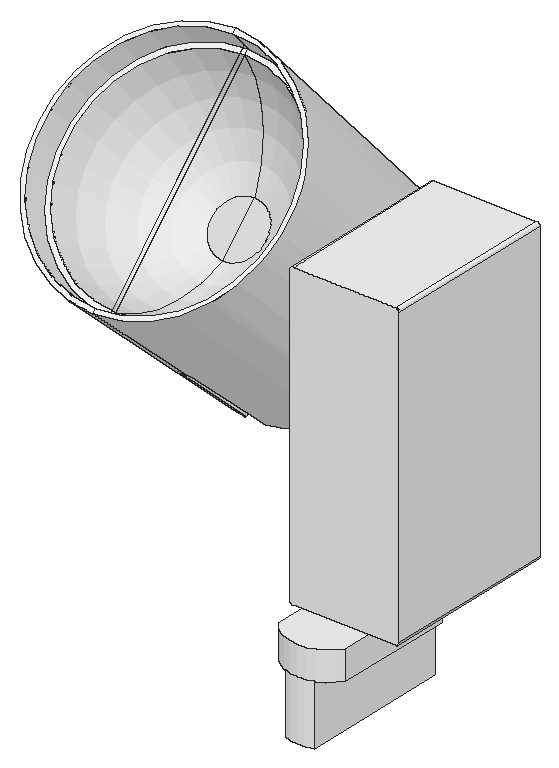
Revit family "0004821 Feilo Sylvania Lighting Fixture START TRACK SPOT L 55W 3K RA80 MB WHITE", category Lighting Fixtures, host Face, Revit 2017
Family settings
  Host = Face
  Round Connector Dimension = Use Diameter
  Part Type = Normal
  OmniClass Number = 23.80.70.00
  OmniClass Title = Lighting
  Cut with Voids When Loaded = No
  Light Source = No
  Shared = No
  Room Calculation Point = No
Parameters (values of type "0004821 START TRACK SPOT L 55W 3K RA80 MB WHITE")
  Weight = "1.398 kg"
  Wattage Comments = ""
  WarrantyStartDate [instance] = "n/a"
  WarrantyGuarantorParts = "n/a"
  WarrantyDurationUnit = "n/a"
  WarrantyDurationParts = "n/a"
  WarrantyDescription = "n/a"
  Voltage = 230 V
  URL = "http://www.sylvania-lighting.com"
  TypeName = "START TRACK SPOT L 55W 3K RA80 MB WHITE"
  TypeHead_FEILO = Start Track Spot Head : 0004821 START TRACK SPOT L 55W 3K RA80 MB WHITE
  TypeBox_FEILO = Start Track Spot Box : Type Large White
  Type Image = <None>
  Type Comments = "n/a"
  VerticalRotation_FEILO [instance] = 0.00°
  SlideEndAngle_FEILO [instance] = VerticalRotation_FEILO + 180.00°  # 180.00°
  SerialNumber [instance] = "n/a"
  Material_3_FEILO = none
  PowerFactor = 0.96
  PowerConsumption = "55 W"
  NominalLength = 0 mm
  NominalHeight = 240 mm
  NominalDepth = 164 mm
  Name = "START TRACK SPOT L 55W 3K RA80 MB WHITE"
  ModelReference = Name  # "START TRACK SPOT L 55W 3K RA80 MB WHITE"
  ModelNumber = "0004821"
  Model = Name  # "START TRACK SPOT L 55W 3K RA80 MB WHITE"
  Material = "adc12 aluminium housing, polycarbonate diffuser"
  ManufacturerName = "Feilo Sylvania"
  Manufacturer = "Feilo Sylvania"
  LuminousEfficacy = "98 lm/W"
  LuminaireType = ""
  LightOutputRatio = "100"
  LampsType = Lamp  # "LED"
  LampNominalLuminous = "5381 lm"
  LampMacAdamStep = "3"
  LampColourTemperature = "3000 K"
  LampColourRenderingIndex = "80"
  Lamp = "LED"
  Keynote = "16500"
  InstallationDate [instance] = "n/a"
  InputVoltage = "230-240V~"
  InputNominalFrequency = "50/60 Hz"
  IngressProtection = "IP20"
  ImpactProtectionIndex = "IK02"
  IfcExportType = "IfcLightFixtureType"
  IfcExportAs = "IfcLightFixtureType"
  HorizontalRotation_FEILO [instance] = 45.00°
  ExpectedLife = 50000
  ElectricShockClassification = "Class II"
  DurationUnit = "hours"
  DocumentationLiterature = "http://www.sylvania-lighting.com/product/en-int/products/0004821"
  DimmingControlOptions = "Non dimmable"
  Material_2_FEILO = none
  Description = "Integrated LED spotlight, Textured White - RAL9016, compact and minimalist design, ideal for retail applications, die-cast aluminium body, passive cooling heatsink. Beam angle: 38°, color temperature: 3000K , total system power: 55W, total fixture output: 5381 lm, LOR: 100%, colour rendering: Ra: 80 typical, LED Chromaticity: 3 step MacAdam ellipse, lifetime: >50000 hours at L70B50, energy class: A++, A+, A, IR/UV free light source without heat radiation, operating voltage: 220-240V / 50-60Hz, drive current: 1400mA, electronic driver, non-dimmable, power factor: 0.96, electrical protection: Class II, Global Track 3 Phase adapter suitable for Global trac 3-circuit tracks, ingress protection rating: IP20, suitable for internal environment only, horizontal rotation: 355°, vertical tilt: 90°, dimensions: Ø113x164x240, weight: 1.398kg."
  Default Elevation = 1219.2 mm
  CreatedOn = "12/12/2017"
  CreatedBy = ""
  Cost = 0
  built-in parameter 1114216 [instance] = (empty or 0)
  ClassificationValue = "EF_70_80"
  ClassificationName = "Uniclass2015"
  Material_1_FEILO = Body-Sylvania-StartTrackSpot-White
  BarCode [instance] = "n/a"
  AssetType = "Fixed"
  AssetIdentifier [instance] = "n/a"
  Assembly Code = "D5020200"
  Apparent Load = 55 VA
  Material_4_FEILO = none
Reference planes
  plane 1 "Center (Front/Back)": y = 0
  plane 2: z = 0
  plane 3 "Center (Left/Right)": x = 0
  plane 4: x = 15
  plane 5: x = -15
  plane 6: y = 35
  plane 7: y = -35
  plane 8: z = 13
  plane 9: z = -27
  plane 10: x = 6.5
  plane 11: x = -6.5
  plane 12: y = 27
  plane 13: y = -27
  plane 14: y = 20
Forms (mm)
  Extrusion 1, solid, material "Body-Sylvania-StartTrackSpot-White" <- "Material_1_FEILO"
    sketch origin (0, 0, 0) x (1, 0, 0) y (0, 1, 0)
      loop
        line (-15, 27) -> (-15, -27)
        arc (-15, -27) -> (0, -35) -> (15, -27) r 18.062
        line (15, -27) -> (15, 27)
        arc (15, 27) -> (0, 35) -> (-15, 27) r 18.062
    from 0 to 13
  Extrusion 2, solid, material "Body-Sylvania-StartTrackSpot-White" <- "Material_1_FEILO"
    sketch origin (0, 0, 0) x (1, 0, 0) y (0, 1, 0)
      loop
        arc (6.5, 33.79) -> (0, 35) -> (-6.5, 33.79) r 18.062
        line (-6.5, 33.79) -> (-6.5, -33.79)
        arc (-6.5, -33.79) -> (0, -35) -> (6.5, -33.79) r 18.062
        line (6.5, -33.79) -> (6.5, 33.79)
    from 0 to -27
  Revolve 3, solid, not visible
    sketch origin (1524, 20, 1219.2) x (1, 0, 0) y (0, 0, 1)
      loop
        line (-1524, -1206.2) -> (-1524, -1191.285) -> (-1530.5, -1191.285) -> (-1530.5, -1206.2) -> (-1524, -1206.2)
      axis (-1524, -1191.285) -> (-1524, -1206.2)
    angle from 0 <- "VerticalRotation_FEILO" to 180 <- "SlideEndAngle_FEILO"
Cuts and joins
  joined: Extrusion 1, Extrusion 2
Dimensions and locks
  equal spacing: plane 10, plane 3 "Center (Left/Right)", plane 11
  equal spacing: plane 4, plane 3 "Center (Left/Right)", plane 5
  locked: plane 8 to plane 2 at 13
  locked: plane 8 to plane 9 at 40
  equal spacing: plane 13, plane 1 "Center (Front/Back)", plane 12
  locked: plane 12 to plane 6 at 8
  locked: plane 14 to plane 6 at 15
  locked: Revolve 3 sketch curve to plane 8 at 14.915
  aligned and locked: plane 2 to host face
  aligned and locked: level to host face
  aligned and locked: plane 5 to Extrusion 1 sketch curve  (x2)
  aligned and locked: plane 12 to Extrusion 1 sketch curve
  aligned and locked: plane 13 to Extrusion 1 sketch curve
  aligned and locked: plane 4 to Extrusion 1 sketch curve
  aligned and locked: Extrusion 1 to plane 8
  aligned and locked: Extrusion 1 to level
  aligned and locked: Extrusion 2 sketch curve to Extrusion 1  (x2)
  aligned and locked: Extrusion 2 sketch curve to plane 11
  aligned and locked: plane 10 to Extrusion 2 sketch curve
  aligned and locked: plane 9 to Extrusion 2
  aligned and locked: level to Extrusion 2
  aligned and locked: Revolve 3 sketch curve to plane 3 "Center (Left/Right)"  (x2)
  aligned and locked: plane 11 to Revolve 3 sketch curve
  aligned and locked: Revolve 3 sketch curve to plane 8
Automatic sketch dimensions
  host sketch curve to host sketch curve = 2438.4 mm  (x2)
  Extrusion 1 sketch curve to plane 3 "Center (Left/Right)" = 0 mm  (x2)
  Extrusion 1 sketch curve to plane 13 = 10.062 mm
  plane 12 to Extrusion 1 sketch curve = 10.062 mm
  Revolve 3 sketch curve to plane 3 "Center (Left/Right)" = 0 mm
  plane 9 to Revolve 3 sketch curve = 582.6 mm
  Revolve 3 sketch curve to Revolve 3 sketch curve = 2581.144 mm
Nested families
  nested 1: "Start Track Spot Head" at (-75.5, 20, 133) x (0, 0.7071, 0.7071) z (0, 0.7071, -0.7071), type <- "TypeHead_FEILO", type "0004821 START TRACK SPOT L 55W 3K RA80 MB WHITE"
    with built-in parameter 1114216 (empty or 0)
  nested 2: "Start Track Spot Box" at (8.5, 20, 85) x (-1, 0, 0) z (0, -1, 0), BoxStartAngle_FEILO <- "HorizontalRotation_FEILO", type <- "TypeBox_FEILO", type "Type Large White"
    with BoxStartAngle_FEILO 45.00°, BoxEndAngle_FEILO -135.00°
Connectors
  electrical at (0, 0, 0), driven by "Apparent Load", driven by "PowerFactor", driven by "Voltage"
    settings: index 1, voltage 230 V, apparent load 55 VA, apparent load phase1 0 VA, apparent load phase2 0 VA, apparent load phase3 0 VA, power factor 0.96, load classification "Lighting", number of poles 1, system type 30, power factor state 1, is connector primary yes, connector utility no, sub classification motor no, connector description ""
Definition of nested family "Start Track Spot Head"
  Parameters (values of type "0004811 START TRACK SPOT S 14W 3K RA80 NB WHITE")
    Wattage Comments = "n/a"
    Wattage = 14 W
    built-in parameter 1150110 = 1 (stored number, unit not read)
    URL = "http://www.feilosylvania.com"
    Type Image = (empty or 0)
    Type Comments = "n/a"
    built-in parameter 1114217 = 1 (stored number, unit not read)
    Tilt Angle = -90.00°
    built-in parameter 1150109 = 1 (stored number, unit not read)
    built-in parameter 1150134 = (empty or 0)
    built-in parameter 1150113 = 1 (stored number, unit not read)
    Photometric Web File = "0004811.ies"
    Material_3_FEILO = none
    Model = "START TRACK SPOT S 14W 3K RA80 NB WHITE"
    Manufacturer = "Feilo Sylvania"
    built-in parameter 1150105 = 123.66 (stored number, unit not read)
    Lumens = 1554 lm
    built-in parameter 1150115 = 1 (stored number, unit not read)
    built-in parameter 1150137 = (empty or 0)
    built-in parameter 1150139 = (empty or 0)
    built-in parameter 1150112 = 1 (stored number, unit not read)
    built-in parameter 1150114 = 1 (stored number, unit not read)
    Lamp = "LED"
    Keynote = "16500"
    Material_2_FEILO = none
    built-in parameter 1150132 = (empty or 0)
    built-in parameter 1150102 = (empty or 0)
    built-in parameter 1150107 = 3000 (stored number, unit not read)
    built-in parameter 1150138 = (empty or 0)
    built-in parameter 1150106 = 1.2366 (stored number, unit not read)
    HeadThickness_FEILO = if(HeadDiaOut_FEILO > 112 mm, 2 mm, 1.5 mm)  # 1.5 mm
    HeadRibOffset_FEILO = HeadHeight_FEILO / 28  # 4.179 mm
    HeadRibDepth_FEILO = HeadHeight_FEILO / 2.1  # 55.714 mm
    HeadRibCutWidth_FEILO = HeadDiaOut_FEILO / 12  # 7.167 mm
    HeadRibCutOffset_FEILO = HeadHeight_FEILO / 2.3  # 50.87 mm
    HeadReflectorRadius_FEILO = HeadDiaOut_FEILO / 1.7  # 50.588 mm
    HeadReflectorOffset_FEILO = HeadHeight_FEILO / 2.1  # 55.714 mm
    HeadLEDRadius_FEILO = HeadDiaOut_FEILO / 9  # 9.556 mm
    HeadHeight_FEILO = 117 mm
    HeadDraft_FEILO = 1 mm
    HeadDiffusorThickness_FEILO = 3 mm
    HeadDiffusorOffset_FEILO = HeadHeight_FEILO / 12.4  # 9.435 mm
    HeadDiaOut_FEILO = 86 mm
    HeadDiaIn_FEILO = HeadDiaOut_FEILO / 1.11  # 77.477 mm
    HeadAxisFromTop_FEILO = HeadHeight_FEILO / 1.687  # 69.354 mm
    Emit from Circle Diameter = HeadDiaIn_FEILO  # 77.477 mm
    Emit Shape Visible in Rendering = no
    built-in parameter 1150104 = 10.312 (stored number, unit not read)
    Dimming Lamp Color Temperature Shift = (empty or 0)
    Description = "Integrated LED spotlight, Textured White - RAL9016, compact and minimalist design, ideal for retail applications, die-cast aluminium body, passive cooling heatsink. Beam angle: 12°, color temperature: 3000K , total system power: 14W, total fixture output: 1551 lm, LOR: 100%, colour rendering: Ra: 80 typical, LED Chromaticity: 3 step MacAdam ellipse, lifetime: >50000 hours at L70B50, energy class: A++, A+, A, IR/UV free light source without heat radiation, operating voltage: 220-240V / 50-60Hz, drive current: 350mA, electronic driver, non-dimmable, power factor: 0.92, electrical protection: Class II, Global Track 3 Phase adapter suitable for Global trac 3-circuit tracks, ingress protection rating: IP20, suitable for internal environment only, horizontal rotation: 355°, vertical tilt: 90°, dimensions: Ø86x140x200, weight: 0.940kg."
    Default Elevation = 1219.2 mm
    Cost = 0
    Color Filter = 16777215
    built-in parameter 1114216 [instance] = (empty or 0)
    Material_1_FEILO = none
    built-in parameter 1114218 = 1 (stored number, unit not read)
    built-in parameter 1150133 = 10 (stored number, unit not read)
    Assembly Code = "D5020200"
    Apparent Load = 14 VA
    Material_4_FEILO = none
  Types (96, lengths in mm): name | Wattage | built-in parameter 1150134 | Photometric Web File | Model | built-in parameter 1150105 | Lumens | built-in parameter 1150107 | built-in parameter 1150106 | HeadThickness_FEILO | HeadRibOffset_FEILO | HeadRibDepth_FEILO | HeadRibCutWidth_FEILO | HeadRibCutOffset_FEILO | HeadReflectorRadius_FEILO | HeadReflectorOffset_FEILO | HeadLEDRadius_FEILO | HeadHeight_FEILO | HeadDiffusorOffset_FEILO | HeadDiaOut_FEILO | HeadDiaIn_FEILO | HeadAxisFromTop_FEILO | Emit from Circle Diameter | built-in parameter 1150104 | Description | Apparent Load
    0004906 START TRACK SPOT L 55W 4K RA90 WB BLACK | 55 W | 12 | "0004906.ies" | "START TRACK SPOT L 55W 4K RA90 WB BLACK" | 385.15 (stored number, unit not read) | 4840 lm | 4000 (stored number, unit not read) | 3.8515 (stored number, unit not read) | 2 | 4.429 | 59.048 | 9.417 | 53.913 | 66.471 | 59.048 | 12.556 | 124 | 10 | 113 | 101.802 | 73.503 | 101.802 | 8.1755 (stored number, unit not read) | "Integrated LED spotlight, Textured Black - RAL9005, compact and minimalist design, ideal for retail applications, die-cast aluminium body, passive cooling heatsink. Beam angle: 52°, color temperature: 4000K , total system power: 55W, total fixture output: 4824 lm, LOR: 100%, colour rendering: Ra: 90 typical, LED Chromaticity: 3 step MacAdam ellipse, lifetime: >50000 hours at L70B50, energy class: A++, A+, A, IR/UV free light source without heat radiation, operating voltage: 220-240V / 50-60Hz, drive current: 1400mA, electronic driver, non-dimmable, power factor: 0.96, electrical protection: Class II, Global Track 3 Phase adapter suitable for Global trac 3-circuit tracks, ingress protection rating: IP20, suitable for internal environment only, horizontal rotation: 355°, vertical tilt: 90°, dimensions: Ø113x164x240, weight: 1.398kg." | 55 VA
    0004905 START TRACK SPOT L 55W 4K RA90 MB BLACK | 55 W | 12 | "0004905.ies" | "START TRACK SPOT L 55W 4K RA90 MB BLACK" | 389.53 (stored number, unit not read) | 4895 lm | 4000 (stored number, unit not read) | 3.8953 (stored number, unit not read) | 2 | 4.429 | 59.048 | 9.417 | 53.913 | 66.471 | 59.048 | 12.556 | 124 | 10 | 113 | 101.802 | 73.503 | 101.802 | 8.2684 (stored number, unit not read) | "Integrated LED spotlight, Textured Black - RAL9005, compact and minimalist design, ideal for retail applications, die-cast aluminium body, passive cooling heatsink. Beam angle: 38°, color temperature: 4000K , total system power: 55W, total fixture output: 4897 lm, LOR: 100%, colour rendering: Ra: 90 typical, LED Chromaticity: 3 step MacAdam ellipse, lifetime: >50000 hours at L70B50, energy class: A++, A+, A, IR/UV free light source without heat radiation, operating voltage: 220-240V / 50-60Hz, drive current: 1400mA, electronic driver, non-dimmable, power factor: 0.96, electrical protection: Class II, Global Track 3 Phase adapter suitable for Global trac 3-circuit tracks, ingress protection rating: IP20, suitable for internal environment only, horizontal rotation: 355°, vertical tilt: 90°, dimensions: Ø113x164x240, weight: 1.398kg." | 55 VA
    0004904 START TRACK SPOT L 55W 4K RA90 NB BLACK | 55 W | 12 | "0004904.ies" | "START TRACK SPOT L 55W 4K RA90 NB BLACK" | 393.91 (stored number, unit not read) | 4950 lm | 4000 (stored number, unit not read) | 3.9391 (stored number, unit not read) | 2 | 4.429 | 59.048 | 9.417 | 53.913 | 66.471 | 59.048 | 12.556 | 124 | 10 | 113 | 101.802 | 73.503 | 101.802 | 8.3613 (stored number, unit not read) | "Integrated LED spotlight, Textured Black - RAL9005, compact and minimalist design, ideal for retail applications, die-cast aluminium body, passive cooling heatsink. Beam angle: 15°, color temperature: 4000K , total system power: 55W, total fixture output: 4965 lm, LOR: 100%, colour rendering: Ra: 90 typical, LED Chromaticity: 3 step MacAdam ellipse, lifetime: >50000 hours at L70B50, energy class: A++, A+, A, IR/UV free light source without heat radiation, operating voltage: 220-240V / 50-60Hz, drive current: 1400mA, electronic driver, non-dimmable, power factor: 0.96, electrical protection: Class II, Global Track 3 Phase adapter suitable for Global trac 3-circuit tracks, ingress protection rating: IP20, suitable for internal environment only, horizontal rotation: 355°, vertical tilt: 90°, dimensions: Ø113x164x240, weight: 1.398kg." | 55 VA
    0004903 START TRACK SPOT L 35W 4K RA90 WB BLACK | 35 W | 12 | "0004903.ies" | "START TRACK SPOT L 35W 4K RA90 WB BLACK" | 284.09 (stored number, unit not read) | 3570 lm | 4000 (stored number, unit not read) | 2.8409 (stored number, unit not read) | 2 | 4.429 | 59.048 | 9.417 | 53.913 | 66.471 | 59.048 | 12.556 | 124 | 10 | 113 | 101.802 | 73.503 | 101.802 | 9.4761 (stored number, unit not read) | "Integrated LED spotlight, Textured Black - RAL9005, compact and minimalist design, ideal for retail applications, die-cast aluminium body, passive cooling heatsink. Beam angle: 52°, color temperature: 4000K , total system power: 35W, total fixture output: 3562 lm, LOR: 100%, colour rendering: Ra: 90 typical, LED Chromaticity: 3 step MacAdam ellipse, lifetime: >50000 hours at L70B50, energy class: A++, A+, A, IR/UV free light source without heat radiation, operating voltage: 220-240V / 50-60Hz, drive current: 900mA, electronic driver, non-dimmable, power factor: 0.93, electrical protection: Class II, Global Track 3 Phase adapter suitable for Global trac 3-circuit tracks, ingress protection rating: IP20, suitable for internal environment only, horizontal rotation: 355°, vertical tilt: 90°, dimensions: Ø113x164x240, weight: 1.368kg." | 35 VA
    0004902 START TRACK SPOT L 35W 4K RA90 MB BLACK | 35 W | 12 | "0004902.ies" | "START TRACK SPOT L 35W 4K RA90 MB BLACK" | 286.88 (stored number, unit not read) | 3605 lm | 4000 (stored number, unit not read) | 2.8688 (stored number, unit not read) | 2 | 4.429 | 59.048 | 9.417 | 53.913 | 66.471 | 59.048 | 12.556 | 124 | 10 | 113 | 101.802 | 73.503 | 101.802 | 9.569 (stored number, unit not read) | "Integrated LED spotlight, Textured Black - RAL9005, compact and minimalist design, ideal for retail applications, die-cast aluminium body, passive cooling heatsink. Beam angle: 38°, color temperature: 4000K , total system power: 35W, total fixture output: 3616 lm, LOR: 100%, colour rendering: Ra: 90 typical, LED Chromaticity: 3 step MacAdam ellipse, lifetime: >50000 hours at L70B50, energy class: A++, A+, A, IR/UV free light source without heat radiation, operating voltage: 220-240V / 50-60Hz, drive current: 900mA, electronic driver, non-dimmable, power factor: 0.93, electrical protection: Class II, Global Track 3 Phase adapter suitable for Global trac 3-circuit tracks, ingress protection rating: IP20, suitable for internal environment only, horizontal rotation: 355°, vertical tilt: 90°, dimensions: Ø113x164x240, weight: 1.368kg." | 35 VA
    0004901 START TRACK SPOT L 35W 4K RA90 NB BLACK | 35 W | 12 | "0004901.ies" | "START TRACK SPOT L 35W 4K RA90 NB BLACK" | 286.88 (stored number, unit not read) | 3605 lm | 4000 (stored number, unit not read) | 2.8688 (stored number, unit not read) | 2 | 4.429 | 59.048 | 9.417 | 53.913 | 66.471 | 59.048 | 12.556 | 124 | 10 | 113 | 101.802 | 73.503 | 101.802 | 9.569 (stored number, unit not read) | "Integrated LED spotlight, Textured Black - RAL9005, compact and minimalist design, ideal for retail applications, die-cast aluminium body, passive cooling heatsink. Beam angle: 15°, color temperature: 4000K , total system power: 35W, total fixture output: 3593 lm, LOR: 100%, colour rendering: Ra: 90 typical, LED Chromaticity: 3 step MacAdam ellipse, lifetime: >50000 hours at L70B50, energy class: A++, A+, A, IR/UV free light source without heat radiation, operating voltage: 220-240V / 50-60Hz, drive current: 900mA, electronic driver, non-dimmable, power factor: 0.93, electrical protection: Class II, Global Track 3 Phase adapter suitable for Global trac 3-circuit tracks, ingress protection rating: IP20, suitable for internal environment only, horizontal rotation: 355°, vertical tilt: 90°, dimensions: Ø113x164x240, weight: 1.368kg." | 35 VA
    0004900 START TRACK SPOT S 24W 4K RA90 WB BLACK | 24 W | 12 | "0004900.ies" | "START TRACK SPOT S 24W 4K RA90 WB BLACK" | 166.16 (stored number, unit not read) | 2088 lm | 4000 (stored number, unit not read) | 1.6616 (stored number, unit not read) | 1.5 | 4.179 | 55.714 | 7.167 | 50.87 | 50.588 | 55.714 | 9.556 | 117 | 9.435 | 86 | 77.477 | 69.354 | 77.477 | 8.0826 (stored number, unit not read) | "Integrated LED spotlight, Textured Black - RAL9005, compact and minimalist design, ideal for retail applications, die-cast aluminium body, passive cooling heatsink. Beam angle: 64°, color temperature: 4000K , total system power: 24W, total fixture output: 2087 lm, LOR: 100%, colour rendering: Ra: 90 typical, LED Chromaticity: 3 step MacAdam ellipse, lifetime: >50000 hours at L70B50, energy class: A++, A+, A, IR/UV free light source without heat radiation, operating voltage: 220-240V / 50-60Hz, drive current: 600mA, electronic driver, non-dimmable, power factor: 0.95, electrical protection: Class II, Global Track 3 Phase adapter suitable for Global trac 3-circuit tracks, ingress protection rating: IP20, suitable for internal environment only, horizontal rotation: 355°, vertical tilt: 90°, dimensions: Ø86x140x200, weight: 0.966kg." | 24 VA
    0004899 START TRACK SPOT S 24W 4K RA90 MB BLACK | 24 W | 12 | "0004899.ies" | "START TRACK SPOT S 24W 4K RA90 MB BLACK" | 169.98 (stored number, unit not read) | 2136 lm | 4000 (stored number, unit not read) | 1.6998 (stored number, unit not read) | 1.5 | 4.179 | 55.714 | 7.167 | 50.87 | 50.588 | 55.714 | 9.556 | 117 | 9.435 | 86 | 77.477 | 69.354 | 77.477 | 8.2684 (stored number, unit not read) | "Integrated LED spotlight, Textured Black - RAL9005, compact and minimalist design, ideal for retail applications, die-cast aluminium body, passive cooling heatsink. Beam angle: 36°, color temperature: 4000K , total system power: 24W, total fixture output: 2141 lm, LOR: 100%, colour rendering: Ra: 90 typical, LED Chromaticity: 3 step MacAdam ellipse, lifetime: >50000 hours at L70B50, energy class: A++, A+, A, IR/UV free light source without heat radiation, operating voltage: 220-240V / 50-60Hz, drive current: 600mA, electronic driver, non-dimmable, power factor: 0.95, electrical protection: Class II, Global Track 3 Phase adapter suitable for Global trac 3-circuit tracks, ingress protection rating: IP20, suitable for internal environment only, horizontal rotation: 355°, vertical tilt: 90°, dimensions: Ø86x140x200, weight: 0.966kg." | 24 VA
    0004898 START TRACK SPOT S 24W 4K RA90 NB BLACK | 24 W | 12 | "0004898.ies" | "START TRACK SPOT S 24W 4K RA90 NB BLACK" | 171.89 (stored number, unit not read) | 2160 lm | 4000 (stored number, unit not read) | 1.7189 (stored number, unit not read) | 1.5 | 4.179 | 55.714 | 7.167 | 50.87 | 50.588 | 55.714 | 9.556 | 117 | 9.435 | 86 | 77.477 | 69.354 | 77.477 | 8.3613 (stored number, unit not read) | "Integrated LED spotlight, Textured Black - RAL9005, compact and minimalist design, ideal for retail applications, die-cast aluminium body, passive cooling heatsink. Beam angle: 12°, color temperature: 4000K , total system power: 24W, total fixture output: 2155 lm, LOR: 100%, colour rendering: Ra: 90 typical, LED Chromaticity: 3 step MacAdam ellipse, lifetime: >50000 hours at L70B50, energy class: A++, A+, A, IR/UV free light source without heat radiation, operating voltage: 220-240V / 50-60Hz, drive current: 600mA, electronic driver, non-dimmable, power factor: 0.95, electrical protection: Class II, Global Track 3 Phase adapter suitable for Global trac 3-circuit tracks, ingress protection rating: IP20, suitable for internal environment only, horizontal rotation: 355°, vertical tilt: 90°, dimensions: Ø86x140x200, weight: 0.966kg." | 24 VA
    0004897 START TRACK SPOT S 14W 4K RA90 WB BLACK | 14 W | 12 | "0004897.ies" | "START TRACK SPOT S 14W 4K RA90 WB BLACK" | 108.07 (stored number, unit not read) | 1358 lm | 4000 (stored number, unit not read) | 1.0807 (stored number, unit not read) | 1.5 | 4.179 | 55.714 | 7.167 | 50.87 | 50.588 | 55.714 | 9.556 | 117 | 9.435 | 86 | 77.477 | 69.354 | 77.477 | 9.0116 (stored number, unit not read) | "Integrated LED spotlight, Textured Black - RAL9005, compact and minimalist design, ideal for retail applications, die-cast aluminium body, passive cooling heatsink. Beam angle: 64°, color temperature: 4000K , total system power: 14W, total fixture output: 1352 lm, LOR: 100%, colour rendering: Ra: 90 typical, LED Chromaticity: 3 step MacAdam ellipse, lifetime: >50000 hours at L70B50, energy class: A++, A+, A, IR/UV free light source without heat radiation, operating voltage: 220-240V / 50-60Hz, drive current: 350mA, electronic driver, non-dimmable, power factor: 0.92, electrical protection: Class II, Global Track 3 Phase adapter suitable for Global trac 3-circuit tracks, ingress protection rating: IP20, suitable for internal environment only, horizontal rotation: 355°, vertical tilt: 90°, dimensions: Ø86x140x200, weight: 0.940kg." | 14 VA
    0004896 START TRACK SPOT S 14W 4K RA90 MB BLACK | 14 W | 12 | "0004896.ies" | "START TRACK SPOT S 14W 4K RA90 MB BLACK" | 108.07 (stored number, unit not read) | 1358 lm | 4000 (stored number, unit not read) | 1.0807 (stored number, unit not read) | 1.5 | 4.179 | 55.714 | 7.167 | 50.87 | 50.588 | 55.714 | 9.556 | 117 | 9.435 | 86 | 77.477 | 69.354 | 77.477 | 9.0116 (stored number, unit not read) | "Integrated LED spotlight, Textured Black - RAL9005, compact and minimalist design, ideal for retail applications, die-cast aluminium body, passive cooling heatsink. Beam angle: 36°, color temperature: 4000K , total system power: 14W, total fixture output: 1359 lm, LOR: 100%, colour rendering: Ra: 90 typical, LED Chromaticity: 3 step MacAdam ellipse, lifetime: >50000 hours at L70B50, energy class: A++, A+, A, IR/UV free light source without heat radiation, operating voltage: 220-240V / 50-60Hz, drive current: 350mA, electronic driver, non-dimmable, power factor: 0.92, electrical protection: Class II, Global Track 3 Phase adapter suitable for Global trac 3-circuit tracks, ingress protection rating: IP20, suitable for internal environment only, horizontal rotation: 355°, vertical tilt: 90°, dimensions: Ø86x140x200, weight: 0.940kg." | 14 VA
    0004895 START TRACK SPOT S 14W 4K RA90 NB BLACK | 14 W | 12 | "0004895.ies" | "START TRACK SPOT S 14W 4K RA90 NB BLACK" | 106.95 (stored number, unit not read) | 1344 lm | 4000 (stored number, unit not read) | 1.0695 (stored number, unit not read) | 1.5 | 4.179 | 55.714 | 7.167 | 50.87 | 50.588 | 55.714 | 9.556 | 117 | 9.435 | 86 | 77.477 | 69.354 | 77.477 | 8.9187 (stored number, unit not read) | "Integrated LED spotlight, Textured Black - RAL9005, compact and minimalist design, ideal for retail applications, die-cast aluminium body, passive cooling heatsink. Beam angle: 12°, color temperature: 4000K , total system power: 14W, total fixture output: 1349 lm, LOR: 100%, colour rendering: Ra: 90 typical, LED Chromaticity: 3 step MacAdam ellipse, lifetime: >50000 hours at L70B50, energy class: A++, A+, A, IR/UV free light source without heat radiation, operating voltage: 220-240V / 50-60Hz, drive current: 350mA, electronic driver, non-dimmable, power factor: 0.92, electrical protection: Class II, Global Track 3 Phase adapter suitable for Global trac 3-circuit tracks, ingress protection rating: IP20, suitable for internal environment only, horizontal rotation: 355°, vertical tilt: 90°, dimensions: Ø86x140x200, weight: 0.940kg." | 14 VA
    0004894 START TRACK SPOT L 55W 3K RA90 WB BLACK | 55 W | (empty or 0) | "0004894.ies" | "START TRACK SPOT L 55W 3K RA90 WB BLACK" | 350.14 (stored number, unit not read) | 4400 lm | 3000 (stored number, unit not read) | 3.5014 (stored number, unit not read) | 2 | 4.429 | 59.048 | 9.417 | 53.913 | 66.471 | 59.048 | 12.556 | 124 | 10 | 113 | 101.802 | 73.503 | 101.802 | 7.4322 (stored number, unit not read) | "Integrated LED spotlight, Textured Black - RAL9005, compact and minimalist design, ideal for retail applications, die-cast aluminium body, passive cooling heatsink. Beam angle: 52°, color temperature: 3000K , total system power: 55W, total fixture output: 4405 lm, LOR: 100%, colour rendering: Ra: 90 typical, LED Chromaticity: 3 step MacAdam ellipse, lifetime: >50000 hours at L70B50, energy class: A++, A+, A, IR/UV free light source without heat radiation, operating voltage: 220-240V / 50-60Hz, drive current: 1400mA, electronic driver, non-dimmable, power factor: 0.96, electrical protection: Class II, Global Track 3 Phase adapter suitable for Global trac 3-circuit tracks, ingress protection rating: IP20, suitable for internal environment only, horizontal rotation: 355°, vertical tilt: 90°, dimensions: Ø113x164x240, weight: 1.398kg." | 55 VA
    0004893 START TRACK SPOT L 55W 3K RA90 MB BLACK | 55 W | (empty or 0) | "0004893.ies" | "START TRACK SPOT L 55W 3K RA90 MB BLACK" | 354.52 (stored number, unit not read) | 4455 lm | 3000 (stored number, unit not read) | 3.5452 (stored number, unit not read) | 2 | 4.429 | 59.048 | 9.417 | 53.913 | 66.471 | 59.048 | 12.556 | 124 | 10 | 113 | 101.802 | 73.503 | 101.802 | 7.5251 (stored number, unit not read) | "Integrated LED spotlight, Textured Black - RAL9005, compact and minimalist design, ideal for retail applications, die-cast aluminium body, passive cooling heatsink. Beam angle: 38°, color temperature: 3000K , total system power: 55W, total fixture output: 4448 lm, LOR: 100%, colour rendering: Ra: 90 typical, LED Chromaticity: 3 step MacAdam ellipse, lifetime: >50000 hours at L70B50, energy class: A++, A+, A, IR/UV free light source without heat radiation, operating voltage: 220-240V / 50-60Hz, drive current: 1400mA, electronic driver, non-dimmable, power factor: 0.96, electrical protection: Class II, Global Track 3 Phase adapter suitable for Global trac 3-circuit tracks, ingress protection rating: IP20, suitable for internal environment only, horizontal rotation: 355°, vertical tilt: 90°, dimensions: Ø113x164x240, weight: 1.398kg." | 55 VA
    0004892 START TRACK SPOT L 55W 3K RA90 NB BLACK | 55 W | (empty or 0) | "0004892.ies" | "START TRACK SPOT L 55W 3K RA90 NB BLACK" | 350.14 (stored number, unit not read) | 4400 lm | 3000 (stored number, unit not read) | 3.5014 (stored number, unit not read) | 2 | 4.429 | 59.048 | 9.417 | 53.913 | 66.471 | 59.048 | 12.556 | 124 | 10 | 113 | 101.802 | 73.503 | 101.802 | 7.4322 (stored number, unit not read) | "Integrated LED spotlight, Textured Black - RAL9005, compact and minimalist design, ideal for retail applications, die-cast aluminium body, passive cooling heatsink. Beam angle: 15°, color temperature: 3000K , total system power: 55W, total fixture output: 4416 lm, LOR: 100%, colour rendering: Ra: 90 typical, LED Chromaticity: 3 step MacAdam ellipse, lifetime: >50000 hours at L70B50, energy class: A++, A+, A, IR/UV free light source without heat radiation, operating voltage: 220-240V / 50-60Hz, drive current: 1400mA, electronic driver, non-dimmable, power factor: 0.96, electrical protection: Class II, Global Track 3 Phase adapter suitable for Global trac 3-circuit tracks, ingress protection rating: IP20, suitable for internal environment only, horizontal rotation: 355°, vertical tilt: 90°, dimensions: Ø113x164x240, weight: 1.398kg." | 55 VA
    0004891 START TRACK SPOT L 35W 3K RA90 WB BLACK | 35 W | (empty or 0) | "0004891.ies" | "START TRACK SPOT L 35W 3K RA90 WB BLACK" | 259.02 (stored number, unit not read) | 3255 lm | 3000 (stored number, unit not read) | 2.5902 (stored number, unit not read) | 2 | 4.429 | 59.048 | 9.417 | 53.913 | 66.471 | 59.048 | 12.556 | 124 | 10 | 113 | 101.802 | 73.503 | 101.802 | 8.64 (stored number, unit not read) | "Integrated LED spotlight, Textured Black - RAL9005, compact and minimalist design, ideal for retail applications, die-cast aluminium body, passive cooling heatsink. Beam angle: 52°, color temperature: 3000K , total system power: 35W, total fixture output: 3260 lm, LOR: 100%, colour rendering: Ra: 90 typical, LED Chromaticity: 3 step MacAdam ellipse, lifetime: >50000 hours at L70B50, energy class: A++, A+, A, IR/UV free light source without heat radiation, operating voltage: 220-240V / 50-60Hz, drive current: 900mA, electronic driver, non-dimmable, power factor: 0.93, electrical protection: Class II, Global Track 3 Phase adapter suitable for Global trac 3-circuit tracks, ingress protection rating: IP20, suitable for internal environment only, horizontal rotation: 355°, vertical tilt: 90°, dimensions: Ø113x164x240, weight: 1.368kg." | 35 VA
    0004890 START TRACK SPOT L 35W 3K RA90 MB BLACK | 35 W | (empty or 0) | "0004890.ies" | "START TRACK SPOT L 35W 3K RA90 MB BLACK" | 261.81 (stored number, unit not read) | 3290 lm | 3000 (stored number, unit not read) | 2.6181 (stored number, unit not read) | 2 | 4.429 | 59.048 | 9.417 | 53.913 | 66.471 | 59.048 | 12.556 | 124 | 10 | 113 | 101.802 | 73.503 | 101.802 | 8.7329 (stored number, unit not read) | "Integrated LED spotlight, Textured Black - RAL9005, compact and minimalist design, ideal for retail applications, die-cast aluminium body, passive cooling heatsink. Beam angle: 38°, color temperature: 3000K , total system power: 35W, total fixture output: 3306 lm, LOR: 100%, colour rendering: Ra: 90 typical, LED Chromaticity: 3 step MacAdam ellipse, lifetime: >50000 hours at L70B50, energy class: A++, A+, A, IR/UV free light source without heat radiation, operating voltage: 220-240V / 50-60Hz, drive current: 900mA, electronic driver, non-dimmable, power factor: 0.93, electrical protection: Class II, Global Track 3 Phase adapter suitable for Global trac 3-circuit tracks, ingress protection rating: IP20, suitable for internal environment only, horizontal rotation: 355°, vertical tilt: 90°, dimensions: Ø113x164x240, weight: 1.368kg." | 35 VA
    0004889 START TRACK SPOT L 35W 3K RA90 NB BLACK | 35 W | (empty or 0) | "0004889.ies" | "START TRACK SPOT L 35W 3K RA90 NB BLACK" | 261.81 (stored number, unit not read) | 3290 lm | 3000 (stored number, unit not read) | 2.6181 (stored number, unit not read) | 2 | 4.429 | 59.048 | 9.417 | 53.913 | 66.471 | 59.048 | 12.556 | 124 | 10 | 113 | 101.802 | 73.503 | 101.802 | 8.7329 (stored number, unit not read) | "Integrated LED spotlight, Textured Black - RAL9005, compact and minimalist design, ideal for retail applications, die-cast aluminium body, passive cooling heatsink. Beam angle: 15°, color temperature: 3000K , total system power: 35W, total fixture output: 3287 lm, LOR: 100%, colour rendering: Ra: 90 typical, LED Chromaticity: 3 step MacAdam ellipse, lifetime: >50000 hours at L70B50, energy class: A++, A+, A, IR/UV free light source without heat radiation, operating voltage: 220-240V / 50-60Hz, drive current: 900mA, electronic driver, non-dimmable, power factor: 0.93, electrical protection: Class II, Global Track 3 Phase adapter suitable for Global trac 3-circuit tracks, ingress protection rating: IP20, suitable for internal environment only, horizontal rotation: 355°, vertical tilt: 90°, dimensions: Ø113x164x240, weight: 1.368kg." | 35 VA
    0004888 START TRACK SPOT S 24W 3K RA90 WB BLACK | 24 W | (empty or 0) | "0004888.ies" | "START TRACK SPOT S 24W 3K RA90 WB BLACK" | 152.79 (stored number, unit not read) | 1920 lm | 3000 (stored number, unit not read) | 1.5279 (stored number, unit not read) | 1.5 | 4.179 | 55.714 | 7.167 | 50.87 | 50.588 | 55.714 | 9.556 | 117 | 9.435 | 86 | 77.477 | 69.354 | 77.477 | 7.4322 (stored number, unit not read) | "Integrated LED spotlight, Textured Black - RAL9005, compact and minimalist design, ideal for retail applications, die-cast aluminium body, passive cooling heatsink. Beam angle: 64°, color temperature: 3000K , total system power: 24W, total fixture output: 1928 lm, LOR: 100%, colour rendering: Ra: 90 typical, LED Chromaticity: 3 step MacAdam ellipse, lifetime: >50000 hours at L70B50, energy class: A++, A+, A, IR/UV free light source without heat radiation, operating voltage: 220-240V / 50-60Hz, drive current: 600mA, electronic driver, non-dimmable, power factor: 0.95, electrical protection: Class II, Global Track 3 Phase adapter suitable for Global trac 3-circuit tracks, ingress protection rating: IP20, suitable for internal environment only, horizontal rotation: 355°, vertical tilt: 90°, dimensions: Ø86x140x200, weight: 0.966kg." | 24 VA
    0004887 START TRACK SPOT S 24W 3K RA90 MB BLACK | 24 W | (empty or 0) | "0004887.ies" | "START TRACK SPOT S 24W 3K RA90 MB BLACK" | 154.7 (stored number, unit not read) | 1944 lm | 3000 (stored number, unit not read) | 1.547 (stored number, unit not read) | 1.5 | 4.179 | 55.714 | 7.167 | 50.87 | 50.588 | 55.714 | 9.556 | 117 | 9.435 | 86 | 77.477 | 69.354 | 77.477 | 7.5251 (stored number, unit not read) | "Integrated LED spotlight, Textured Black - RAL9005, compact and minimalist design, ideal for retail applications, die-cast aluminium body, passive cooling heatsink. Beam angle: 36°, color temperature: 3000K , total system power: 24W, total fixture output: 1944 lm, LOR: 100%, colour rendering: Ra: 90 typical, LED Chromaticity: 3 step MacAdam ellipse, lifetime: >50000 hours at L70B50, energy class: A++, A+, A, IR/UV free light source without heat radiation, operating voltage: 220-240V / 50-60Hz, drive current: 600mA, electronic driver, non-dimmable, power factor: 0.95, electrical protection: Class II, Global Track 3 Phase adapter suitable for Global trac 3-circuit tracks, ingress protection rating: IP20, suitable for internal environment only, horizontal rotation: 355°, vertical tilt: 90°, dimensions: Ø86x140x200, weight: 0.966kg." | 24 VA
    0004886 START TRACK SPOT S 24W 3K RA90 NB BLACK | 24 W | (empty or 0) | "0004886.ies" | "START TRACK SPOT S 24W 3K RA90 NB BLACK" | 158.52 (stored number, unit not read) | 1992 lm | 3000 (stored number, unit not read) | 1.5852 (stored number, unit not read) | 1.5 | 4.179 | 55.714 | 7.167 | 50.87 | 50.588 | 55.714 | 9.556 | 117 | 9.435 | 86 | 77.477 | 69.354 | 77.477 | 7.711 (stored number, unit not read) | "Integrated LED spotlight, Textured Black - RAL9005, compact and minimalist design, ideal for retail applications, die-cast aluminium body, passive cooling heatsink. Beam angle: 12°, color temperature: 3000K , total system power: 24W, total fixture output: 1987 lm, LOR: 100%, colour rendering: Ra: 90 typical, LED Chromaticity: 3 step MacAdam ellipse, lifetime: >50000 hours at L70B50, energy class: A++, A+, A, IR/UV free light source without heat radiation, operating voltage: 220-240V / 50-60Hz, drive current: 600mA, electronic driver, non-dimmable, power factor: 0.95, electrical protection: Class II, Global Track 3 Phase adapter suitable for Global trac 3-circuit tracks, ingress protection rating: IP20, suitable for internal environment only, horizontal rotation: 355°, vertical tilt: 90°, dimensions: Ø86x140x200, weight: 0.966kg." | 24 VA
    0004885 START TRACK SPOT S 14W 3K RA90 WB BLACK | 14 W | (empty or 0) | "0004885.ies" | "START TRACK SPOT S 14W 3K RA90 WB BLACK" | 100.27 (stored number, unit not read) | 1260 lm | 3000 (stored number, unit not read) | 1.0027 (stored number, unit not read) | 1.5 | 4.179 | 55.714 | 7.167 | 50.87 | 50.588 | 55.714 | 9.556 | 117 | 9.435 | 86 | 77.477 | 69.354 | 77.477 | 8.3613 (stored number, unit not read) | "Integrated LED spotlight, Textured Black - RAL9005, compact and minimalist design, ideal for retail applications, die-cast aluminium body, passive cooling heatsink. Beam angle: 64°, color temperature: 3000K , total system power: 14W, total fixture output: 1262 lm, LOR: 100%, colour rendering: Ra: 90 typical, LED Chromaticity: 3 step MacAdam ellipse, lifetime: >50000 hours at L70B50, energy class: A++, A+, A, IR/UV free light source without heat radiation, operating voltage: 220-240V / 50-60Hz, drive current: 350mA, electronic driver, non-dimmable, power factor: 0.92, electrical protection: Class II, Global Track 3 Phase adapter suitable for Global trac 3-circuit tracks, ingress protection rating: IP20, suitable for internal environment only, horizontal rotation: 355°, vertical tilt: 90°, dimensions: Ø86x140x200, weight: 0.940kg." | 14 VA
    0004884 START TRACK SPOT S 14W 3K RA90 MB BLACK | 14 W | (empty or 0) | "0004884.ies" | "START TRACK SPOT S 14W 3K RA90 MB BLACK" | 100.27 (stored number, unit not read) | 1260 lm | 3000 (stored number, unit not read) | 1.0027 (stored number, unit not read) | 1.5 | 4.179 | 55.714 | 7.167 | 50.87 | 50.588 | 55.714 | 9.556 | 117 | 9.435 | 86 | 77.477 | 69.354 | 77.477 | 8.3613 (stored number, unit not read) | "Integrated LED spotlight, Textured Black - RAL9005, compact and minimalist design, ideal for retail applications, die-cast aluminium body, passive cooling heatsink. Beam angle: 36°, color temperature: 3000K , total system power: 14W, total fixture output: 1262 lm, LOR: 100%, colour rendering: Ra: 90 typical, LED Chromaticity: 3 step MacAdam ellipse, lifetime: >50000 hours at L70B50, energy class: A++, A+, A, IR/UV free light source without heat radiation, operating voltage: 220-240V / 50-60Hz, drive current: 350mA, electronic driver, non-dimmable, power factor: 0.92, electrical protection: Class II, Global Track 3 Phase adapter suitable for Global trac 3-circuit tracks, ingress protection rating: IP20, suitable for internal environment only, horizontal rotation: 355°, vertical tilt: 90°, dimensions: Ø86x140x200, weight: 0.940kg." | 14 VA
    0004883 START TRACK SPOT S 14W 3K RA90 NB BLACK | 14 W | (empty or 0) | "0004883.ies" | "START TRACK SPOT S 14W 3K RA90 NB BLACK" | 102.5 (stored number, unit not read) | 1288 lm | 3000 (stored number, unit not read) | 1.025 (stored number, unit not read) | 1.5 | 4.179 | 55.714 | 7.167 | 50.87 | 50.588 | 55.714 | 9.556 | 117 | 9.435 | 86 | 77.477 | 69.354 | 77.477 | 8.5471 (stored number, unit not read) | "Integrated LED spotlight, Textured Black - RAL9005, compact and minimalist design, ideal for retail applications, die-cast aluminium body, passive cooling heatsink. Beam angle: 12°, color temperature: 3000K , total system power: 14W, total fixture output: 1284 lm, LOR: 100%, colour rendering: Ra: 90 typical, LED Chromaticity: 3 step MacAdam ellipse, lifetime: >50000 hours at L70B50, energy class: A++, A+, A, IR/UV free light source without heat radiation, operating voltage: 220-240V / 50-60Hz, drive current: 350mA, electronic driver, non-dimmable, power factor: 0.92, electrical protection: Class II, Global Track 3 Phase adapter suitable for Global trac 3-circuit tracks, ingress protection rating: IP20, suitable for internal environment only, horizontal rotation: 355°, vertical tilt: 90°, dimensions: Ø86x140x200, weight: 0.940kg." | 14 VA
    0004882 START TRACK SPOT L 55W 4K RA90 WB WHITE | 55 W | 12 | "0004882.ies" | "START TRACK SPOT L 55W 4K RA90 WB WHITE" | 385.15 (stored number, unit not read) | 4840 lm | 4000 (stored number, unit not read) | 3.8515 (stored number, unit not read) | 2 | 4.429 | 59.048 | 9.417 | 53.913 | 66.471 | 59.048 | 12.556 | 124 | 10 | 113 | 101.802 | 73.503 | 101.802 | 8.1755 (stored number, unit not read) | "Integrated LED spotlight, Textured White - RAL9016, compact and minimalist design, ideal for retail applications, die-cast aluminium body, passive cooling heatsink. Beam angle: 52°, color temperature: 4000K , total system power: 55W, total fixture output: 4824 lm, LOR: 100%, colour rendering: Ra: 90 typical, LED Chromaticity: 3 step MacAdam ellipse, lifetime: >50000 hours at L70B50, energy class: A++, A+, A, IR/UV free light source without heat radiation, operating voltage: 220-240V / 50-60Hz, drive current: 1400mA, electronic driver, non-dimmable, power factor: 0.96, electrical protection: Class II, Global Track 3 Phase adapter suitable for Global trac 3-circuit tracks, ingress protection rating: IP20, suitable for internal environment only, horizontal rotation: 355°, vertical tilt: 90°, dimensions: Ø113x164x240, weight: 1.398kg." | 55 VA
    0004881 START TRACK SPOT L 55W 4K RA90 MB WHITE | 55 W | 12 | "0004881.ies" | "START TRACK SPOT L 55W 4K RA90 MB WHITE" | 389.53 (stored number, unit not read) | 4895 lm | 4000 (stored number, unit not read) | 3.8953 (stored number, unit not read) | 2 | 4.429 | 59.048 | 9.417 | 53.913 | 66.471 | 59.048 | 12.556 | 124 | 10 | 113 | 101.802 | 73.503 | 101.802 | 8.2684 (stored number, unit not read) | "Integrated LED spotlight, Textured White - RAL9016, compact and minimalist design, ideal for retail applications, die-cast aluminium body, passive cooling heatsink. Beam angle: 38°, color temperature: 4000K , total system power: 55W, total fixture output: 4897 lm, LOR: 100%, colour rendering: Ra: 90 typical, LED Chromaticity: 3 step MacAdam ellipse, lifetime: >50000 hours at L70B50, energy class: A++, A+, A, IR/UV free light source without heat radiation, operating voltage: 220-240V / 50-60Hz, drive current: 1400mA, electronic driver, non-dimmable, power factor: 0.96, electrical protection: Class II, Global Track 3 Phase adapter suitable for Global trac 3-circuit tracks, ingress protection rating: IP20, suitable for internal environment only, horizontal rotation: 355°, vertical tilt: 90°, dimensions: Ø113x164x240, weight: 1.398kg." | 55 VA
    0004880 START TRACK SPOT L 55W 4K RA90 NB WHITE | 55 W | 12 | "0004880.ies" | "START TRACK SPOT L 55W 4K RA90 NB WHITE" | 393.91 (stored number, unit not read) | 4950 lm | 4000 (stored number, unit not read) | 3.9391 (stored number, unit not read) | 2 | 4.429 | 59.048 | 9.417 | 53.913 | 66.471 | 59.048 | 12.556 | 124 | 10 | 113 | 101.802 | 73.503 | 101.802 | 8.3613 (stored number, unit not read) | "Integrated LED spotlight, Textured White - RAL9016, compact and minimalist design, ideal for retail applications, die-cast aluminium body, passive cooling heatsink. Beam angle: 15°, color temperature: 4000K , total system power: 55W, total fixture output: 4965 lm, LOR: 100%, colour rendering: Ra: 90 typical, LED Chromaticity: 3 step MacAdam ellipse, lifetime: >50000 hours at L70B50, energy class: A++, A+, A, IR/UV free light source without heat radiation, operating voltage: 220-240V / 50-60Hz, drive current: 1400mA, electronic driver, non-dimmable, power factor: 0.96, electrical protection: Class II, Global Track 3 Phase adapter suitable for Global trac 3-circuit tracks, ingress protection rating: IP20, suitable for internal environment only, horizontal rotation: 355°, vertical tilt: 90°, dimensions: Ø113x164x240, weight: 1.398kg." | 55 VA
    0004879 START TRACK SPOT L 35W 4K RA90 WB WHITE | 35 W | 12 | "0004879.ies" | "START TRACK SPOT L 35W 4K RA90 WB WHITE" | 284.09 (stored number, unit not read) | 3570 lm | 4000 (stored number, unit not read) | 2.8409 (stored number, unit not read) | 2 | 4.429 | 59.048 | 9.417 | 53.913 | 66.471 | 59.048 | 12.556 | 124 | 10 | 113 | 101.802 | 73.503 | 101.802 | 9.4761 (stored number, unit not read) | "Integrated LED spotlight, Textured White - RAL9016, compact and minimalist design, ideal for retail applications, die-cast aluminium body, passive cooling heatsink. Beam angle: 52°, color temperature: 4000K , total system power: 35W, total fixture output: 3562 lm, LOR: 100%, colour rendering: Ra: 90 typical, LED Chromaticity: 3 step MacAdam ellipse, lifetime: >50000 hours at L70B50, energy class: A++, A+, A, IR/UV free light source without heat radiation, operating voltage: 220-240V / 50-60Hz, drive current: 900mA, electronic driver, non-dimmable, power factor: 0.93, electrical protection: Class II, Global Track 3 Phase adapter suitable for Global trac 3-circuit tracks, ingress protection rating: IP20, suitable for internal environment only, horizontal rotation: 355°, vertical tilt: 90°, dimensions: Ø113x164x240, weight: 1.368kg." | 35 VA
    0004878 START TRACK SPOT L 35W 4K RA90 MB WHITE | 35 W | 12 | "0004878.ies" | "START TRACK SPOT L 35W 4K RA90 MB WHITE" | 286.88 (stored number, unit not read) | 3605 lm | 4000 (stored number, unit not read) | 2.8688 (stored number, unit not read) | 2 | 4.429 | 59.048 | 9.417 | 53.913 | 66.471 | 59.048 | 12.556 | 124 | 10 | 113 | 101.802 | 73.503 | 101.802 | 9.569 (stored number, unit not read) | "Integrated LED spotlight, Textured White - RAL9016, compact and minimalist design, ideal for retail applications, die-cast aluminium body, passive cooling heatsink. Beam angle: 38°, color temperature: 4000K , total system power: 35W, total fixture output: 3616 lm, LOR: 100%, colour rendering: Ra: 90 typical, LED Chromaticity: 3 step MacAdam ellipse, lifetime: >50000 hours at L70B50, energy class: A++, A+, A, IR/UV free light source without heat radiation, operating voltage: 220-240V / 50-60Hz, drive current: 900mA, electronic driver, non-dimmable, power factor: 0.93, electrical protection: Class II, Global Track 3 Phase adapter suitable for Global trac 3-circuit tracks, ingress protection rating: IP20, suitable for internal environment only, horizontal rotation: 355°, vertical tilt: 90°, dimensions: Ø113x164x240, weight: 1.368kg." | 35 VA
    0004877 START TRACK SPOT L 35W 4K RA90 NB WHITE | 35 W | 12 | "0004877.ies" | "START TRACK SPOT L 35W 4K RA90 NB WHITE" | 286.88 (stored number, unit not read) | 3605 lm | 4000 (stored number, unit not read) | 2.8688 (stored number, unit not read) | 2 | 4.429 | 59.048 | 9.417 | 53.913 | 66.471 | 59.048 | 12.556 | 124 | 10 | 113 | 101.802 | 73.503 | 101.802 | 9.569 (stored number, unit not read) | "Integrated LED spotlight, Textured White - RAL9016, compact and minimalist design, ideal for retail applications, die-cast aluminium body, passive cooling heatsink. Beam angle: 15°, color temperature: 4000K , total system power: 35W, total fixture output: 3593 lm, LOR: 100%, colour rendering: Ra: 90 typical, LED Chromaticity: 3 step MacAdam ellipse, lifetime: >50000 hours at L70B50, energy class: A++, A+, A, IR/UV free light source without heat radiation, operating voltage: 220-240V / 50-60Hz, drive current: 900mA, electronic driver, non-dimmable, power factor: 0.93, electrical protection: Class II, Global Track 3 Phase adapter suitable for Global trac 3-circuit tracks, ingress protection rating: IP20, suitable for internal environment only, horizontal rotation: 355°, vertical tilt: 90°, dimensions: Ø113x164x240, weight: 1.368kg." | 35 VA
    0004876 START TRACK SPOT S 24W 4K RA90 WB WHITE | 24 W | 12 | "0004876.ies" | "START TRACK SPOT S 24W 4K RA90 WB WHITE" | 166.16 (stored number, unit not read) | 2088 lm | 4000 (stored number, unit not read) | 1.6616 (stored number, unit not read) | 1.5 | 4.179 | 55.714 | 7.167 | 50.87 | 50.588 | 55.714 | 9.556 | 117 | 9.435 | 86 | 77.477 | 69.354 | 77.477 | 8.0826 (stored number, unit not read) | "Integrated LED spotlight, Textured White - RAL9016, compact and minimalist design, ideal for retail applications, die-cast aluminium body, passive cooling heatsink. Beam angle: 64°, color temperature: 4000K , total system power: 24W, total fixture output: 2087 lm, LOR: 100%, colour rendering: Ra: 90 typical, LED Chromaticity: 3 step MacAdam ellipse, lifetime: >50000 hours at L70B50, energy class: A++, A+, A, IR/UV free light source without heat radiation, operating voltage: 220-240V / 50-60Hz, drive current: 600mA, electronic driver, non-dimmable, power factor: 0.95, electrical protection: Class II, Global Track 3 Phase adapter suitable for Global trac 3-circuit tracks, ingress protection rating: IP20, suitable for internal environment only, horizontal rotation: 355°, vertical tilt: 90°, dimensions: Ø86x140x200, weight: 0.966kg." | 24 VA
    0004875 START TRACK SPOT S 24W 4K RA90 MB WHITE | 24 W | 12 | "0004875.ies" | "START TRACK SPOT S 24W 4K RA90 MB WHITE" | 169.98 (stored number, unit not read) | 2136 lm | 4000 (stored number, unit not read) | 1.6998 (stored number, unit not read) | 1.5 | 4.179 | 55.714 | 7.167 | 50.87 | 50.588 | 55.714 | 9.556 | 117 | 9.435 | 86 | 77.477 | 69.354 | 77.477 | 8.2684 (stored number, unit not read) | "Integrated LED spotlight, Textured White - RAL9016, compact and minimalist design, ideal for retail applications, die-cast aluminium body, passive cooling heatsink. Beam angle: 36°, color temperature: 4000K , total system power: 24W, total fixture output: 2141 lm, LOR: 100%, colour rendering: Ra: 90 typical, LED Chromaticity: 3 step MacAdam ellipse, lifetime: >50000 hours at L70B50, energy class: A++, A+, A, IR/UV free light source without heat radiation, operating voltage: 220-240V / 50-60Hz, drive current: 600mA, electronic driver, non-dimmable, power factor: 0.95, electrical protection: Class II, Global Track 3 Phase adapter suitable for Global trac 3-circuit tracks, ingress protection rating: IP20, suitable for internal environment only, horizontal rotation: 355°, vertical tilt: 90°, dimensions: Ø86x140x200, weight: 0.966kg." | 24 VA
    0004874 START TRACK SPOT S 24W 4K RA90 NB WHITE | 24 W | 12 | "0004874.ies" | "START TRACK SPOT S 24W 4K RA90 NB WHITE" | 171.89 (stored number, unit not read) | 2160 lm | 4000 (stored number, unit not read) | 1.7189 (stored number, unit not read) | 1.5 | 4.179 | 55.714 | 7.167 | 50.87 | 50.588 | 55.714 | 9.556 | 117 | 9.435 | 86 | 77.477 | 69.354 | 77.477 | 8.3613 (stored number, unit not read) | "Integrated LED spotlight, Textured White - RAL9016, compact and minimalist design, ideal for retail applications, die-cast aluminium body, passive cooling heatsink. Beam angle: 12°, color temperature: 4000K , total system power: 24W, total fixture output: 2155 lm, LOR: 100%, colour rendering: Ra: 90 typical, LED Chromaticity: 3 step MacAdam ellipse, lifetime: >50000 hours at L70B50, energy class: A++, A+, A, IR/UV free light source without heat radiation, operating voltage: 220-240V / 50-60Hz, drive current: 600mA, electronic driver, non-dimmable, power factor: 0.95, electrical protection: Class II, Global Track 3 Phase adapter suitable for Global trac 3-circuit tracks, ingress protection rating: IP20, suitable for internal environment only, horizontal rotation: 355°, vertical tilt: 90°, dimensions: Ø86x140x200, weight: 0.966kg." | 24 VA
    0004873 START TRACK SPOT S 14W 4K RA90 WB WHITE | 14 W | 12 | "0004873.ies" | "START TRACK SPOT S 14W 4K RA90 WB WHITE" | 108.07 (stored number, unit not read) | 1358 lm | 4000 (stored number, unit not read) | 1.0807 (stored number, unit not read) | 1.5 | 4.179 | 55.714 | 7.167 | 50.87 | 50.588 | 55.714 | 9.556 | 117 | 9.435 | 86 | 77.477 | 69.354 | 77.477 | 9.0116 (stored number, unit not read) | "Integrated LED spotlight, Textured White - RAL9016, compact and minimalist design, ideal for retail applications, die-cast aluminium body, passive cooling heatsink. Beam angle: 64°, color temperature: 4000K , total system power: 14W, total fixture output: 1352 lm, LOR: 100%, colour rendering: Ra: 90 typical, LED Chromaticity: 3 step MacAdam ellipse, lifetime: >50000 hours at L70B50, energy class: A++, A+, A, IR/UV free light source without heat radiation, operating voltage: 220-240V / 50-60Hz, drive current: 350mA, electronic driver, non-dimmable, power factor: 0.92, electrical protection: Class II, Global Track 3 Phase adapter suitable for Global trac 3-circuit tracks, ingress protection rating: IP20, suitable for internal environment only, horizontal rotation: 355°, vertical tilt: 90°, dimensions: Ø86x140x200, weight: 0.940kg." | 14 VA
    0004872 START TRACK SPOT S 14W 4K RA90 MB WHITE | 14 W | 12 | "0004872.ies" | "START TRACK SPOT S 14W 4K RA90 MB WHITE" | 108.07 (stored number, unit not read) | 1358 lm | 4000 (stored number, unit not read) | 1.0807 (stored number, unit not read) | 1.5 | 4.179 | 55.714 | 7.167 | 50.87 | 50.588 | 55.714 | 9.556 | 117 | 9.435 | 86 | 77.477 | 69.354 | 77.477 | 9.0116 (stored number, unit not read) | "Integrated LED spotlight, Textured White - RAL9016, compact and minimalist design, ideal for retail applications, die-cast aluminium body, passive cooling heatsink. Beam angle: 36°, color temperature: 4000K , total system power: 14W, total fixture output: 1359 lm, LOR: 100%, colour rendering: Ra: 90 typical, LED Chromaticity: 3 step MacAdam ellipse, lifetime: >50000 hours at L70B50, energy class: A++, A+, A, IR/UV free light source without heat radiation, operating voltage: 220-240V / 50-60Hz, drive current: 350mA, electronic driver, non-dimmable, power factor: 0.92, electrical protection: Class II, Global Track 3 Phase adapter suitable for Global trac 3-circuit tracks, ingress protection rating: IP20, suitable for internal environment only, horizontal rotation: 355°, vertical tilt: 90°, dimensions: Ø86x140x200, weight: 0.940kg." | 14 VA
    0004871 START TRACK SPOT S 14W 4K RA90 NB WHITE | 14 W | 12 | "0004871.ies" | "START TRACK SPOT S 14W 4K RA90 NB WHITE" | 106.95 (stored number, unit not read) | 1344 lm | 4000 (stored number, unit not read) | 1.0695 (stored number, unit not read) | 1.5 | 4.179 | 55.714 | 7.167 | 50.87 | 50.588 | 55.714 | 9.556 | 117 | 9.435 | 86 | 77.477 | 69.354 | 77.477 | 8.9187 (stored number, unit not read) | "Integrated LED spotlight, Textured White - RAL9016, compact and minimalist design, ideal for retail applications, die-cast aluminium body, passive cooling heatsink. Beam angle: 12°, color temperature: 4000K , total system power: 14W, total fixture output: 1349 lm, LOR: 100%, colour rendering: Ra: 90 typical, LED Chromaticity: 3 step MacAdam ellipse, lifetime: >50000 hours at L70B50, energy class: A++, A+, A, IR/UV free light source without heat radiation, operating voltage: 220-240V / 50-60Hz, drive current: 350mA, electronic driver, non-dimmable, power factor: 0.92, electrical protection: Class II, Global Track 3 Phase adapter suitable for Global trac 3-circuit tracks, ingress protection rating: IP20, suitable for internal environment only, horizontal rotation: 355°, vertical tilt: 90°, dimensions: Ø86x140x200, weight: 0.940kg." | 14 VA
    0004870 START TRACK SPOT L 55W 3K RA90 WB WHITE | 55 W | (empty or 0) | "0004870.ies" | "START TRACK SPOT L 55W 3K RA90 WB WHITE" | 350.14 (stored number, unit not read) | 4400 lm | 3000 (stored number, unit not read) | 3.5014 (stored number, unit not read) | 2 | 4.429 | 59.048 | 9.417 | 53.913 | 66.471 | 59.048 | 12.556 | 124 | 10 | 113 | 101.802 | 73.503 | 101.802 | 7.4322 (stored number, unit not read) | "Integrated LED spotlight, Textured White - RAL9016, compact and minimalist design, ideal for retail applications, die-cast aluminium body, passive cooling heatsink. Beam angle: 52°, color temperature: 3000K , total system power: 55W, total fixture output: 4405 lm, LOR: 100%, colour rendering: Ra: 90 typical, LED Chromaticity: 3 step MacAdam ellipse, lifetime: >50000 hours at L70B50, energy class: A++, A+, A, IR/UV free light source without heat radiation, operating voltage: 220-240V / 50-60Hz, drive current: 1400mA, electronic driver, non-dimmable, power factor: 0.96, electrical protection: Class II, Global Track 3 Phase adapter suitable for Global trac 3-circuit tracks, ingress protection rating: IP20, suitable for internal environment only, horizontal rotation: 355°, vertical tilt: 90°, dimensions: Ø113x164x240, weight: 1.398kg." | 55 VA
    0004869 START TRACK SPOT L 55W 3K RA90 MB WHITE | 55 W | (empty or 0) | "0004869.ies" | "START TRACK SPOT L 55W 3K RA90 MB WHITE" | 354.52 (stored number, unit not read) | 4455 lm | 3000 (stored number, unit not read) | 3.5452 (stored number, unit not read) | 2 | 4.429 | 59.048 | 9.417 | 53.913 | 66.471 | 59.048 | 12.556 | 124 | 10 | 113 | 101.802 | 73.503 | 101.802 | 7.5251 (stored number, unit not read) | "Integrated LED spotlight, Textured White - RAL9016, compact and minimalist design, ideal for retail applications, die-cast aluminium body, passive cooling heatsink. Beam angle: 38°, color temperature: 3000K , total system power: 55W, total fixture output: 4448 lm, LOR: 100%, colour rendering: Ra: 90 typical, LED Chromaticity: 3 step MacAdam ellipse, lifetime: >50000 hours at L70B50, energy class: A++, A+, A, IR/UV free light source without heat radiation, operating voltage: 220-240V / 50-60Hz, drive current: 1400mA, electronic driver, non-dimmable, power factor: 0.96, electrical protection: Class II, Global Track 3 Phase adapter suitable for Global trac 3-circuit tracks, ingress protection rating: IP20, suitable for internal environment only, horizontal rotation: 355°, vertical tilt: 90°, dimensions: Ø113x164x240, weight: 1.398kg." | 55 VA
    0004868 START TRACK SPOT L 55W 3K RA90 NB WHITE | 55 W | (empty or 0) | "0004868.ies" | "START TRACK SPOT L 55W 3K RA90 NB WHITE" | 350.14 (stored number, unit not read) | 4400 lm | 3000 (stored number, unit not read) | 3.5014 (stored number, unit not read) | 2 | 4.429 | 59.048 | 9.417 | 53.913 | 66.471 | 59.048 | 12.556 | 124 | 10 | 113 | 101.802 | 73.503 | 101.802 | 7.4322 (stored number, unit not read) | "Integrated LED spotlight, Textured White - RAL9016, compact and minimalist design, ideal for retail applications, die-cast aluminium body, passive cooling heatsink. Beam angle: 15°, color temperature: 3000K , total system power: 55W, total fixture output: 4416 lm, LOR: 100%, colour rendering: Ra: 90 typical, LED Chromaticity: 3 step MacAdam ellipse, lifetime: >50000 hours at L70B50, energy class: A++, A+, A, IR/UV free light source without heat radiation, operating voltage: 220-240V / 50-60Hz, drive current: 1400mA, electronic driver, non-dimmable, power factor: 0.96, electrical protection: Class II, Global Track 3 Phase adapter suitable for Global trac 3-circuit tracks, ingress protection rating: IP20, suitable for internal environment only, horizontal rotation: 355°, vertical tilt: 90°, dimensions: Ø113x164x240, weight: 1.398kg." | 55 VA
    0004867 START TRACK SPOT L 35W 3K RA90 WB WHITE | 35 W | (empty or 0) | "0004867.ies" | "START TRACK SPOT L 35W 3K RA90 WB WHITE" | 259.02 (stored number, unit not read) | 3255 lm | 3000 (stored number, unit not read) | 2.5902 (stored number, unit not read) | 2 | 4.429 | 59.048 | 9.417 | 53.913 | 66.471 | 59.048 | 12.556 | 124 | 10 | 113 | 101.802 | 73.503 | 101.802 | 8.64 (stored number, unit not read) | "Integrated LED spotlight, Textured White - RAL9016, compact and minimalist design, ideal for retail applications, die-cast aluminium body, passive cooling heatsink. Beam angle: 52°, color temperature: 3000K , total system power: 35W, total fixture output: 3260 lm, LOR: 100%, colour rendering: Ra: 90 typical, LED Chromaticity: 3 step MacAdam ellipse, lifetime: >50000 hours at L70B50, energy class: A++, A+, A, IR/UV free light source without heat radiation, operating voltage: 220-240V / 50-60Hz, drive current: 900mA, electronic driver, non-dimmable, power factor: 0.93, electrical protection: Class II, Global Track 3 Phase adapter suitable for Global trac 3-circuit tracks, ingress protection rating: IP20, suitable for internal environment only, horizontal rotation: 355°, vertical tilt: 90°, dimensions: Ø113x164x240, weight: 1.368kg." | 35 VA
    0004866 START TRACK SPOT L 35W 3K RA90 MB WHITE | 35 W | (empty or 0) | "0004866.ies" | "START TRACK SPOT L 35W 3K RA90 MB WHITE" | 261.81 (stored number, unit not read) | 3290 lm | 3000 (stored number, unit not read) | 2.6181 (stored number, unit not read) | 2 | 4.429 | 59.048 | 9.417 | 53.913 | 66.471 | 59.048 | 12.556 | 124 | 10 | 113 | 101.802 | 73.503 | 101.802 | 8.7329 (stored number, unit not read) | "Integrated LED spotlight, Textured White - RAL9016, compact and minimalist design, ideal for retail applications, die-cast aluminium body, passive cooling heatsink. Beam angle: 38°, color temperature: 3000K , total system power: 35W, total fixture output: 3306 lm, LOR: 100%, colour rendering: Ra: 90 typical, LED Chromaticity: 3 step MacAdam ellipse, lifetime: >50000 hours at L70B50, energy class: A++, A+, A, IR/UV free light source without heat radiation, operating voltage: 220-240V / 50-60Hz, drive current: 900mA, electronic driver, non-dimmable, power factor: 0.93, electrical protection: Class II, Global Track 3 Phase adapter suitable for Global trac 3-circuit tracks, ingress protection rating: IP20, suitable for internal environment only, horizontal rotation: 355°, vertical tilt: 90°, dimensions: Ø113x164x240, weight: 1.368kg." | 35 VA
    0004865 START TRACK SPOT L 35W 3K RA90 NB WHITE | 35 W | (empty or 0) | "0004865.ies" | "START TRACK SPOT L 35W 3K RA90 NB WHITE" | 261.81 (stored number, unit not read) | 3290 lm | 3000 (stored number, unit not read) | 2.6181 (stored number, unit not read) | 2 | 4.429 | 59.048 | 9.417 | 53.913 | 66.471 | 59.048 | 12.556 | 124 | 10 | 113 | 101.802 | 73.503 | 101.802 | 8.7329 (stored number, unit not read) | "Integrated LED spotlight, Textured White - RAL9016, compact and minimalist design, ideal for retail applications, die-cast aluminium body, passive cooling heatsink. Beam angle: 15°, color temperature: 3000K , total system power: 35W, total fixture output: 3287 lm, LOR: 100%, colour rendering: Ra: 90 typical, LED Chromaticity: 3 step MacAdam ellipse, lifetime: >50000 hours at L70B50, energy class: A++, A+, A, IR/UV free light source without heat radiation, operating voltage: 220-240V / 50-60Hz, drive current: 900mA, electronic driver, non-dimmable, power factor: 0.93, electrical protection: Class II, Global Track 3 Phase adapter suitable for Global trac 3-circuit tracks, ingress protection rating: IP20, suitable for internal environment only, horizontal rotation: 355°, vertical tilt: 90°, dimensions: Ø113x164x240, weight: 1.368kg." | 35 VA
